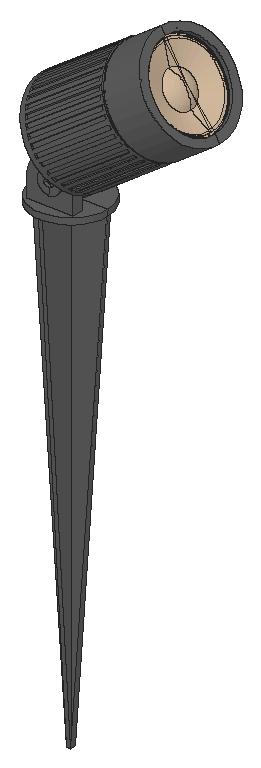
Revit family "STH7703_30", category Luminárias, Revit 2023
Family settings
  Cota do conector redondo = Utilizar diâmetro
  Tipo de parte = Normal
  Com base no plano de trabalho = Não
  Sempre na vertical = Sim
  Corte com vazios quando carregada = Não
  Fonte luminosa = Sim
  Manter orientação da anotação = Não
  Compartilhado = Não
  Ponto de cálculo do ambiente = Não
Parameters (values of type "STH7703/30 - BIVOLT")
  Ângulo de inclinação = 180.00°
  Ângulo de Abertura = "25°"
  Wattage = 3.02945 W
  Vidro = Vidro
  URL = "https://stella.com.br/"
  Troca de temperatura da cor de lâmpada com esmaecimento = <Nenhum>
  Tensão Elétrica = "100V-240V"
  built-in parameter 1150107 = 3000 (stored number, unit not read)
  Temperatura da cor (K) = 3000 K
  Silicone = Silicone
  Referência = "STH7703/30"
  Potência = 7 W
  built-in parameter 1150110 = 1 (stored number, unit not read)
  built-in parameter 1150109 = 1 (stored number, unit not read)
  built-in parameter 1114218 = 1 (stored number, unit not read)
  built-in parameter 1150112 = 1 (stored number, unit not read)
  built-in parameter 1150113 = 1 (stored number, unit not read)
  built-in parameter 1150132 = 2
  built-in parameter 1150137 = (empty or 0)
  Modelo = "Focco"
  Luminoso = Luminoso - 3000K
  built-in parameter 1150106 = 0.3581 (stored number, unit not read)
  built-in parameter 1150102 = (empty or 0)
  built-in parameter 1150105 = 35.81 (stored number, unit not read)
  IRC (Índice de reprodução de cores) = ">80"
  Grau de proteção (IP) = "IP67"
  Fluxo Luminoso = 450 lm
  Color Filter = 16777215
  built-in parameter 1114217 = 1 (stored number, unit not read)
  built-in parameter 1150139 = (empty or 0)
  Fabricante = "Stella"
  Estrutura = Al - Preto
  Default Elevation = 0.00 m
  built-in parameter 1150104 = 13.8 (stored number, unit not read)
  Diâmetro do Spot = 0.05 m
  Dimerização = "Não dimerizável"
  built-in parameter 1150115 = 1 (stored number, unit not read)
  built-in parameter 1150114 = 1 (stored number, unit not read)
  Lumens = 450 lm
  built-in parameter 1150138 = (empty or 0)
  built-in parameter 1150134 = (empty or 0)
  Comprimento do Espeto = 0.07 m
  Arquivo de rede fotométrica = "STELLA - STH7703-30 - FOCCO 7W.ies"
  Altura do Finco = 0.238 m
  built-in parameter 1150133 = 10 (stored number, unit not read)
Reference planes (m)
  plane 1 "Centro (Frente/Trás)": y = 0
  plane 2: z = 0.002924
  plane 3 "Centro (Esquerda/Direita)": x = 0
  plane 4: x = 0.035
  plane 5: x = -0.035
  plane 6: y = 0.025
  plane 7: y = -0.025
  plane 8: z = -0.232076
  plane 9: z = 0.082424
  plane 10: z = 0.005924
  plane 11 "Conector": z = 0.040924
Forms (m)
  Revolve 1, solid, material "Al - Preto" <- "Estrutura"
    sketch origin (0, 0.004, 0) x (1, 0, 0) y (0, 0, 1)
      loop
        line (0.001, 0.005924) -> (-0.017, 0.005924) -> (-0.017, 0.002924) -> (0.001, 0.002924) -> (0.001, 0.005924)
      axis (-0.017, 0.005924) -> (-0.017, 0.002924)
    angle from 0 to 360
  Extrusion 2, solid, material "Al - Preto" <- "Estrutura"
    sketch origin (0, 0, 0) x (1, 0, 0) y (0, 0, 1)
      loop
        line (-0.035, 0.002924) -> (-0.018, -0.232076) -> (-0.016, -0.232076) -> (0.001, 0.002924) -> (-0.035, 0.002924)
    from -0.004985 to -0.003
  Extrusion 3, solid, material "Al - Preto" <- "Estrutura"
    sketch origin (-0.021, -0.013, 0) x (0, -1, 0) y (0, 0, 1)
      loop
        line (-0.035, 0.002924) -> (-0.018, -0.232076) -> (-0.016, -0.232076) -> (0.001, 0.002924) -> (-0.035, 0.002924)
    from -0.004985 to -0.003
  Extrusion 4, void
    sketch origin (0, 0, 0.002924) x (1, 0, 0) y (0, 1, 0)
      loop
        circle (-0.024, 0.011) r 0.00365
    from 0 to 0.003
  Extrusion 5, solid, material "Al - Preto" <- "Estrutura"
    sketch origin (0, 0, 0) x (1, 0, 0) y (0, 0, 1)
      loop
        arc (-0.016683, 0.02792) -> (-0.024665, 0.024814) -> (-0.028, 0.016924) r 0.011
        line (-0.028, 0.016924) -> (-0.028, 0.005924) -> (-0.006, 0.005924) -> (-0.006, 0.016924)
        arc (-0.006, 0.016924) -> (-0.009111, 0.024589) -> (-0.016683, 0.02792) r 0.011
    from 0.003 to 0.0085
  Revolve 6, void
    sketch origin (-0.017, 0, 0) x (0, 1, 0) y (0, 0, 1)
      loop
        line (-0.007, 0.016925) -> (-0.003, 0.016925) -> (-0.003, 0.020024) -> (-0.005, 0.020024) -> (-0.007, 0.022025) -> (-0.007, 0.016925)
      axis (-0.007, 0.016925) -> (-0.003, 0.016925)
    angle from 0 to 360
  Revolve 7, void
    sketch origin (-0.017, 0, 0) x (0, 1, 0) y (0, 0, 1)
      loop
        line (-0.0085, 0.022424) -> (-0.0085, 0.016925) -> (-0.007, 0.016925) -> (-0.007, 0.022424) -> (-0.0085, 0.022424)
      axis (-0.007, 0.016925) -> (-0.0085, 0.016925)
    angle from 0 to 360
  Revolve 8, solid, material "Al - Preto" <- "Estrutura"
    sketch origin (0.006634, 0, 0.012812) x (0.819152, 0, 0.573576) y (-0.573576, 0, 0.819152)
      loop
        line (0.045102, 0.055682) -> (-0.003098, 0.055682) -> (-0.003098, 0.030682) -> (-0.000098, 0.030682) -> (-0.000098, 0.053177) -> (0.064902, 0.053177) -> (0.064902, 0.051577) -> (0.066902, 0.051577) -> (0.066902, 0.055682) -> (0.046102, 0.055682) -> (0.046102, 0.054882) -> (0.045102, 0.054882) -> (0.045102, 0.055682)
      axis (0.066902, 0.030682) -> (-0.003098, 0.030682)
    angle from 0 to 360
  Revolve 9, solid, material "Vidro" <- "Vidro"
    sketch origin (0.006634, 0, 0.012812) x (0.819152, 0, 0.573576) y (-0.573576, 0, 0.819152)
      loop
        line (0.064902, 0.052922) -> (0.049902, 0.052922) -> (0.049902, 0.051671) -> (0.063902, 0.051671) -> (0.063902, 0.050521) -> (0.065402, 0.050521) -> (0.065402, 0.030682) -> (0.066902, 0.030682) -> (0.066902, 0.051576) -> (0.064902, 0.051576) -> (0.064902, 0.052922)
      axis (0.049902, 0.030676) -> (0.066902, 0.030676)
    angle from 0 to 360
  Revolve 10, solid, material "Luminoso - 3000K" <- "Luminoso"
    sketch origin (0.006634, 0, 0.012812) x (0.819152, 0, 0.573576) y (-0.573576, 0, 0.819152)
      loop
        line (0.060602, 0.039666) -> (0.064605, 0.049574) -> (0.064605, 0.05051) -> (0.063805, 0.05051) -> (0.063805, 0.051669) -> (0.062905, 0.051669) -> (0.062905, 0.049674) -> (0.050605, 0.040674) -> (0.050605, 0.030676) -> (0.064051, 0.030676)
        arc (0.064051, 0.030676) -> (0.063159, 0.03549) -> (0.060602, 0.039666) r 0.013449
      axis (0.050605, 0.030676) -> (0.064605, 0.030676)
    angle from 0 to 360
  Extrusion 11, void
    sketch origin (0.000909, 0, 0.008803) x (0, 1, 0) y (-0.573576, 0, 0.819152)
      loop
        arc (0.018646, 0.048761) -> (0.017858, 0.049537) -> (0.017039, 0.050279) r 0.026449
        line (0.017039, 0.050279) -> (0.015943, 0.04902)
        arc (0.015943, 0.04902) -> (0.016718, 0.048333) -> (0.017462, 0.047613) r 0.0235
        line (0.017462, 0.047613) -> (0.018646, 0.048761)
      loop
        arc (0.015588, 0.051458) -> (0.014688, 0.052101) -> (0.013763, 0.052706) r 0.026449
        line (0.013763, 0.052706) -> (0.012877, 0.051291)
        arc (0.012877, 0.051291) -> (0.01375, 0.050734) -> (0.014598, 0.050139) r 0.0235
        line (0.014598, 0.050139) -> (0.015588, 0.051458)
      loop
        arc (0.012145, 0.053643) -> (0.011156, 0.054137) -> (0.010147, 0.05459) r 0.026449
        line (0.010147, 0.05459) -> (0.009494, 0.053054)
        arc (0.009494, 0.053054) -> (0.010443, 0.05264) -> (0.011374, 0.052185) r 0.0235
        line (0.011374, 0.052185) -> (0.012145, 0.053643)
      loop
        arc (0.008401, 0.055254) -> (0.007347, 0.055588) -> (0.006279, 0.055878) r 0.026449
        line (0.006279, 0.055878) -> (0.005875, 0.054258)
        arc (0.005875, 0.054258) -> (0.006877, 0.053998) -> (0.007867, 0.053694) r 0.0235
        line (0.007867, 0.053694) -> (0.008401, 0.055254)
      loop
        arc (0.004452, 0.056269) -> (0.003358, 0.056434) -> (0.002259, 0.056553) r 0.026449
        line (0.002259, 0.056553) -> (0.002112, 0.054889)
        arc (0.002112, 0.054889) -> (0.003143, 0.054789) -> (0.004168, 0.054644) r 0.0235
        line (0.004168, 0.054644) -> (0.004452, 0.056269)
      loop
        arc (0.000392, 0.056653) -> (-0.000713, 0.056644) -> (-0.001818, 0.05659) r 0.026449
        line (-0.001818, 0.05659) -> (-0.001702, 0.054924)
        arc (-0.001702, 0.054924) -> (-0.000669, 0.054987) -> (0.000366, 0.055004) r 0.0235
        line (0.000366, 0.055004) -> (0.000392, 0.056653)
      loop
        arc (-0.003671, 0.056389) -> (-0.004762, 0.056208) -> (-0.005845, 0.055982) r 0.026449
        line (-0.005845, 0.055982) -> (-0.00547, 0.054355)
        arc (-0.00547, 0.054355) -> (-0.004459, 0.054578) -> (-0.003439, 0.054757) r 0.0235
        line (-0.003439, 0.054757) -> (-0.003671, 0.056389)
      loop
        arc (-0.007651, 0.055501) -> (-0.0087, 0.055151) -> (-0.009734, 0.054759) r 0.026449
        line (-0.009734, 0.054759) -> (-0.009109, 0.05321)
        arc (-0.009109, 0.05321) -> (-0.008146, 0.053589) -> (-0.007166, 0.053925) r 0.0235
        line (-0.007166, 0.053925) -> (-0.007651, 0.055501)
      loop
        arc (-0.011442, 0.054001) -> (-0.012424, 0.053492) -> (-0.013384, 0.052942) r 0.026449
        line (-0.013384, 0.052942) -> (-0.012525, 0.05151)
        arc (-0.012525, 0.05151) -> (-0.011632, 0.052035) -> (-0.010717, 0.05252) r 0.0235
        line (-0.010717, 0.05252) -> (-0.011442, 0.054001)
      loop
        arc (-0.014947, 0.051919) -> (-0.015837, 0.051263) -> (-0.016699, 0.05057) r 0.026449
        line (-0.016699, 0.05057) -> (-0.015627, 0.04929)
        arc (-0.015627, 0.04929) -> (-0.014827, 0.049948) -> (-0.014, 0.05057) r 0.0235
        line (-0.014, 0.05057) -> (-0.014947, 0.051919)
      loop
        arc (-0.01809, 0.049321) -> (-0.018866, 0.048533) -> (-0.019609, 0.047714) r 0.026449
        line (-0.019609, 0.047714) -> (-0.018349, 0.046618)
        arc (-0.018349, 0.046618) -> (-0.017663, 0.047393) -> (-0.016942, 0.048136) r 0.0235
        line (-0.016942, 0.048136) -> (-0.01809, 0.049321)
      loop
        arc (-0.020787, 0.046263) -> (-0.02143, 0.045364) -> (-0.022036, 0.044438) r 0.026449
        line (-0.022036, 0.044438) -> (-0.02062, 0.043553)
        arc (-0.02062, 0.043553) -> (-0.020063, 0.044425) -> (-0.019468, 0.045273) r 0.0235
        line (-0.019468, 0.045273) -> (-0.020787, 0.046263)
      loop
        arc (-0.022979, 0.04284) -> (-0.023474, 0.041851) -> (-0.023927, 0.040842) r 0.026449
        line (-0.023927, 0.040842) -> (-0.02239, 0.040189)
        arc (-0.02239, 0.040189) -> (-0.021976, 0.041138) -> (-0.021521, 0.042068) r 0.0235
        line (-0.021521, 0.042068) -> (-0.022979, 0.04284)
      loop
        arc (-0.024599, 0.039098) -> (-0.024932, 0.038044) -> (-0.025222, 0.036977) r 0.026449
        line (-0.025222, 0.036977) -> (-0.023602, 0.036572)
        arc (-0.023602, 0.036572) -> (-0.023342, 0.037574) -> (-0.023038, 0.038564) r 0.0235
        line (-0.023038, 0.038564) -> (-0.024599, 0.039098)
      loop
        arc (-0.025613, 0.035149) -> (-0.025778, 0.034055) -> (-0.025897, 0.032956) r 0.026449
        line (-0.025897, 0.032956) -> (-0.024234, 0.03281)
        arc (-0.024234, 0.03281) -> (-0.024134, 0.03384) -> (-0.023988, 0.034865) r 0.0235
        line (-0.023988, 0.034865) -> (-0.025613, 0.035149)
      loop
        arc (-0.025989, 0.03109) -> (-0.02598, 0.029984) -> (-0.025926, 0.028879) r 0.026449
        line (-0.025926, 0.028879) -> (-0.02426, 0.028995)
        arc (-0.02426, 0.028995) -> (-0.024323, 0.030028) -> (-0.02434, 0.031064) r 0.0235
        line (-0.02434, 0.031064) -> (-0.025989, 0.03109)
      loop
        arc (-0.025733, 0.02702) -> (-0.025552, 0.025929) -> (-0.025325, 0.024847) r 0.026449
        line (-0.025325, 0.024847) -> (-0.023698, 0.025222)
        arc (-0.023698, 0.025222) -> (-0.023922, 0.026233) -> (-0.0241, 0.027253) r 0.0235
        line (-0.0241, 0.027253) -> (-0.025733, 0.02702)
      loop
        arc (-0.024844, 0.023041) -> (-0.024494, 0.021992) -> (-0.024101, 0.020958) r 0.026449
        line (-0.024101, 0.020958) -> (-0.022553, 0.021583)
        arc (-0.022553, 0.021583) -> (-0.022932, 0.022546) -> (-0.023268, 0.023526) r 0.0235
        line (-0.023268, 0.023526) -> (-0.024844, 0.023041)
      loop
        arc (-0.023338, 0.019257) -> (-0.022828, 0.018276) -> (-0.022279, 0.017316) r 0.026449
        line (-0.022279, 0.017316) -> (-0.020847, 0.018175)
        arc (-0.020847, 0.018175) -> (-0.021372, 0.019068) -> (-0.021856, 0.019983) r 0.0235
        line (-0.021856, 0.019983) -> (-0.023338, 0.019257)
      loop
        arc (-0.021263, 0.015747) -> (-0.020606, 0.014857) -> (-0.019913, 0.013996) r 0.026449
        line (-0.019913, 0.013996) -> (-0.018633, 0.015068)
        arc (-0.018633, 0.015068) -> (-0.019291, 0.015868) -> (-0.019913, 0.016695) r 0.0235
        line (-0.019913, 0.016695) -> (-0.021263, 0.015747)
      loop
        arc (-0.018665, 0.012605) -> (-0.017877, 0.011829) -> (-0.017057, 0.011086) r 0.026449
        line (-0.017057, 0.011086) -> (-0.015961, 0.012345)
        arc (-0.015961, 0.012345) -> (-0.016736, 0.013032) -> (-0.01748, 0.013752) r 0.0235
        line (-0.01748, 0.013752) -> (-0.018665, 0.012605)
      loop
        arc (-0.015602, 0.009915) -> (-0.014702, 0.009271) -> (-0.013777, 0.008666) r 0.026449
        line (-0.013777, 0.008666) -> (-0.012891, 0.010081)
        arc (-0.012891, 0.010081) -> (-0.013764, 0.010638) -> (-0.014611, 0.011233) r 0.0235
        line (-0.014611, 0.011233) -> (-0.015602, 0.009915)
      loop
        arc (-0.01216, 0.007729) -> (-0.011171, 0.007234) -> (-0.010162, 0.006781) r 0.026449
        line (-0.010162, 0.006781) -> (-0.009508, 0.008317)
        arc (-0.009508, 0.008317) -> (-0.010458, 0.008731) -> (-0.011388, 0.009186) r 0.0235
        line (-0.011388, 0.009186) -> (-0.01216, 0.007729)
      loop
        arc (-0.008418, 0.006109) -> (-0.007364, 0.005775) -> (-0.006296, 0.005485) r 0.026449
        line (-0.006296, 0.005485) -> (-0.005891, 0.007105)
        arc (-0.005891, 0.007105) -> (-0.006894, 0.007365) -> (-0.007883, 0.007669) r 0.0235
        line (-0.007883, 0.007669) -> (-0.008418, 0.006109)
      loop
        arc (0.003644, 0.004953) -> (0.004735, 0.005135) -> (0.005817, 0.005361) r 0.026449
        line (0.005817, 0.005361) -> (0.005442, 0.006988)
        arc (0.005442, 0.006988) -> (0.004431, 0.006765) -> (0.003411, 0.006586) r 0.0235
        line (0.003411, 0.006586) -> (0.003644, 0.004953)
      loop
        arc (0.007623, 0.005843) -> (0.008672, 0.006192) -> (0.009706, 0.006585) r 0.026449
        line (0.009706, 0.006585) -> (0.009081, 0.008134)
        arc (0.009081, 0.008134) -> (0.008118, 0.007755) -> (0.007138, 0.007419) r 0.0235
        line (0.007138, 0.007419) -> (0.007623, 0.005843)
      loop
        arc (0.011414, 0.007343) -> (0.012396, 0.007853) -> (0.013355, 0.008403) r 0.026449
        line (0.013355, 0.008403) -> (0.012496, 0.009834)
        arc (0.012496, 0.009834) -> (0.011604, 0.009309) -> (0.010689, 0.008824) r 0.0235
        line (0.010689, 0.008824) -> (0.011414, 0.007343)
      loop
        arc (0.014919, 0.009425) -> (0.015809, 0.010082) -> (0.01667, 0.010775) r 0.026449
        line (0.01667, 0.010775) -> (0.015598, 0.012055)
        arc (0.015598, 0.012055) -> (0.014798, 0.011397) -> (0.013971, 0.010775) r 0.0235
        line (0.013971, 0.010775) -> (0.014919, 0.009425)
      loop
        arc (0.018061, 0.012024) -> (0.018837, 0.012812) -> (0.01958, 0.013631) r 0.026449
        line (0.01958, 0.013631) -> (0.01832, 0.014727)
        arc (0.01832, 0.014727) -> (0.017633, 0.013952) -> (0.016913, 0.013208) r 0.0235
        line (0.016913, 0.013208) -> (0.018061, 0.012024)
      loop
        arc (0.020758, 0.015082) -> (0.021401, 0.015982) -> (0.022006, 0.016908) r 0.026449
        line (0.022006, 0.016908) -> (0.020591, 0.017793)
        arc (0.020591, 0.017793) -> (0.020034, 0.01692) -> (0.019439, 0.016073) r 0.0235
        line (0.019439, 0.016073) -> (0.020758, 0.015082)
      loop
        arc (0.022933, 0.018525) -> (0.023428, 0.019514) -> (0.023881, 0.020523) r 0.026449
        line (0.023881, 0.020523) -> (0.022345, 0.021176)
        arc (0.022345, 0.021176) -> (0.021931, 0.020227) -> (0.021476, 0.019297) r 0.0235
        line (0.021476, 0.019297) -> (0.022933, 0.018525)
      loop
        arc (0.024554, 0.022267) -> (0.024888, 0.023321) -> (0.025177, 0.024388) r 0.026449
        line (0.025177, 0.024388) -> (0.023558, 0.024793)
        arc (0.023558, 0.024793) -> (0.023297, 0.023791) -> (0.022993, 0.022801) r 0.0235
        line (0.022993, 0.022801) -> (0.024554, 0.022267)
      loop
        arc (0.025569, 0.026216) -> (0.025734, 0.027309) -> (0.025853, 0.028409) r 0.026449
        line (0.025853, 0.028409) -> (0.02419, 0.028555)
        arc (0.02419, 0.028555) -> (0.024089, 0.027525) -> (0.023944, 0.0265) r 0.0235
        line (0.023944, 0.0265) -> (0.025569, 0.026216)
      loop
        arc (0.025945, 0.030275) -> (0.025937, 0.031381) -> (0.025883, 0.032485) r 0.026449
        line (0.025883, 0.032485) -> (0.024217, 0.03237)
        arc (0.024217, 0.03237) -> (0.024279, 0.031336) -> (0.024296, 0.030301) r 0.0235
        line (0.024296, 0.030301) -> (0.025945, 0.030275)
      loop
        arc (0.02571, 0.034338) -> (0.025529, 0.035429) -> (0.025303, 0.036512) r 0.026449
        line (0.025303, 0.036512) -> (0.023676, 0.036137)
        arc (0.023676, 0.036137) -> (0.023899, 0.035126) -> (0.024078, 0.034106) r 0.0235
        line (0.024078, 0.034106) -> (0.02571, 0.034338)
      loop
        arc (0.024821, 0.038318) -> (0.024472, 0.039367) -> (0.024078, 0.040401) r 0.026449
        line (0.024078, 0.040401) -> (0.02253, 0.039776)
        arc (0.02253, 0.039776) -> (0.022909, 0.038812) -> (0.023245, 0.037833) r 0.0235
        line (0.023245, 0.037833) -> (0.024821, 0.038318)
      loop
        arc (0.02332, 0.042109) -> (0.022811, 0.043091) -> (0.022261, 0.04405) r 0.026449
        line (0.022261, 0.04405) -> (0.020829, 0.043191)
        arc (0.020829, 0.043191) -> (0.021354, 0.042298) -> (0.021839, 0.041384) r 0.0235
        line (0.021839, 0.041384) -> (0.02332, 0.042109)
      loop
        arc (0.021239, 0.045614) -> (0.020582, 0.046504) -> (0.019888, 0.047365) r 0.026449
        line (0.019888, 0.047365) -> (0.018609, 0.046293)
        arc (0.018609, 0.046293) -> (0.019267, 0.045493) -> (0.019889, 0.044666) r 0.0235
        line (0.019889, 0.044666) -> (0.021239, 0.045614)
      loop
        arc (-0.004485, 0.005082) -> (-0.003392, 0.004917) -> (-0.002292, 0.004798) r 0.026449
        line (-0.002292, 0.004798) -> (-0.002146, 0.006461)
        arc (-0.002146, 0.006461) -> (-0.003176, 0.006561) -> (-0.004201, 0.006706) r 0.0235
        line (-0.004201, 0.006706) -> (-0.004485, 0.005082)
      loop
        arc (-0.000426, 0.004698) -> (0.00068, 0.004706) -> (0.001785, 0.004761) r 0.026449
        line (0.001785, 0.004761) -> (0.001669, 0.006426)
        arc (0.001669, 0.006426) -> (0.000635, 0.006364) -> (-0.0004, 0.006347) r 0.0235
        line (-0.0004, 0.006347) -> (-0.000426, 0.004698)
    from 0.006891 to 0.050747
  Revolve 12, solid, material "Silicone" <- "Silicone"
    sketch origin (0.006634, 0, 0.012812) x (0.819152, 0, 0.573576) y (-0.573576, 0, 0.819152)
      loop
        line (0.045102, 0.054567) -> (0.046102, 0.054567) -> (0.046102, 0.055347) -> (0.045102, 0.055347) -> (0.045102, 0.054567)
      axis (0.046102, 0.030682) -> (0.045102, 0.030682)
    angle from 0 to 360
  Extrusion 13, solid, material "Al - Preto" <- "Estrutura"
    sketch origin (0.006634, 0, 0.012812) x (0.819152, 0, 0.573576) y (-0.573576, 0, 0.819152)
      loop
        arc (-0.015, 0.027925) -> (-0.026, 0.016925) -> (-0.015, 0.005925) r 0.011
        line (-0.015, 0.005925) -> (-0.003098, 0.005924) -> (-0.003098, 0.027925) -> (-0.015, 0.027925)
      loop
        circle (-0.017, 0.016925) r 0.003099
    from -0.003 to 0.003
  Revolve 14, solid, material "Al - Preto" <- "Estrutura"
    sketch origin (-0.017, 0, -0.00015) x (0, 1, 0) y (0, 0, 1)
      loop
        line (0.0035, 0.01702) -> (0.0035, 0.020164) -> (-0.006884, 0.020164) -> (-0.008161, 0.02267) -> (-0.009, 0.02267) -> (-0.009, 0.01702) -> (0.0035, 0.01702)
      axis (0.0035, 0.01702) -> (-0.009, 0.01702)
    angle from 0 to 360
  Extrusion 15, void
    sketch origin (0, 0, 0) x (1, 0, 0) y (0, 0, 1)
      loop
        line (-0.014653, 0.018043) -> (-0.016794, 0.019517) -> (-0.019142, 0.018399) -> (-0.019347, 0.015807) -> (-0.017206, 0.014333) -> (-0.014858, 0.015451) -> (-0.014653, 0.018043)
    from 0.0075 to 0.009
  Revolve 16, solid, material "Al - Preto" <- "Estrutura", not visible
    sketch origin (0, 0, 0) x (1, 0, 0) y (0, 0, 1)
      loop
        line (0.045102, 0.055682) -> (-0.003098, 0.055682) -> (-0.003098, 0.030682) -> (-0.000098, 0.030682) -> (-0.000098, 0.053177) -> (0.064902, 0.053177) -> (0.064902, 0.051577) -> (0.066902, 0.051577) -> (0.066902, 0.055682) -> (0.046102, 0.055682) -> (0.046102, 0.054882) -> (0.045102, 0.054882) -> (0.045102, 0.055682)
      axis (0.066902, 0.030682) -> (-0.003098, 0.030682)
    angle from 0 to 360
  Revolve 17, solid, material "Vidro" <- "Vidro", not visible
    sketch origin (0, 0, 0) x (1, 0, 0) y (0, 0, 1)
      loop
        line (0.064902, 0.052922) -> (0.049902, 0.052922) -> (0.049902, 0.051671) -> (0.063902, 0.051671) -> (0.063902, 0.050521) -> (0.065402, 0.050521) -> (0.065402, 0.030682) -> (0.066902, 0.030682) -> (0.066902, 0.051576) -> (0.064902, 0.051576) -> (0.064902, 0.052922)
      axis (0.049902, 0.030676) -> (0.066902, 0.030676)
    angle from 0 to 360
  Revolve 18, solid, material "Luminoso - 3000K" <- "Luminoso", not visible
    sketch origin (0, 0, 0) x (1, 0, 0) y (0, 0, 1)
      loop
        line (0.060602, 0.039666) -> (0.064605, 0.049574) -> (0.064605, 0.05051) -> (0.063805, 0.05051) -> (0.063805, 0.051669) -> (0.062905, 0.051669) -> (0.062905, 0.049674) -> (0.050605, 0.040674) -> (0.050605, 0.030676) -> (0.064051, 0.030676)
        arc (0.064051, 0.030676) -> (0.063159, 0.03549) -> (0.060602, 0.039666) r 0.013449
      axis (0.050605, 0.030676) -> (0.064605, 0.030676)
    angle from 0 to 360
  Extrusion 19, void, not visible
    sketch origin (-0.006989, 0, 0) x (0, 1, 0) y (0, 0, 1)
      loop
        arc (0.018646, 0.048761) -> (0.017858, 0.049537) -> (0.017039, 0.050279) r 0.026449
        line (0.017039, 0.050279) -> (0.015943, 0.04902)
        arc (0.015943, 0.04902) -> (0.016718, 0.048333) -> (0.017462, 0.047613) r 0.0235
        line (0.017462, 0.047613) -> (0.018646, 0.048761)
      loop
        arc (0.015588, 0.051458) -> (0.014688, 0.052101) -> (0.013763, 0.052706) r 0.026449
        line (0.013763, 0.052706) -> (0.012877, 0.051291)
        arc (0.012877, 0.051291) -> (0.01375, 0.050734) -> (0.014598, 0.050139) r 0.0235
        line (0.014598, 0.050139) -> (0.015588, 0.051458)
      loop
        arc (0.012145, 0.053643) -> (0.011156, 0.054137) -> (0.010147, 0.05459) r 0.026449
        line (0.010147, 0.05459) -> (0.009494, 0.053054)
        arc (0.009494, 0.053054) -> (0.010443, 0.05264) -> (0.011374, 0.052185) r 0.0235
        line (0.011374, 0.052185) -> (0.012145, 0.053643)
      loop
        arc (0.008401, 0.055254) -> (0.007347, 0.055588) -> (0.006279, 0.055878) r 0.026449
        line (0.006279, 0.055878) -> (0.005875, 0.054258)
        arc (0.005875, 0.054258) -> (0.006877, 0.053998) -> (0.007867, 0.053694) r 0.0235
        line (0.007867, 0.053694) -> (0.008401, 0.055254)
      loop
        arc (0.004452, 0.056269) -> (0.003358, 0.056434) -> (0.002259, 0.056553) r 0.026449
        line (0.002259, 0.056553) -> (0.002112, 0.054889)
        arc (0.002112, 0.054889) -> (0.003143, 0.054789) -> (0.004168, 0.054644) r 0.0235
        line (0.004168, 0.054644) -> (0.004452, 0.056269)
      loop
        arc (0.000392, 0.056653) -> (-0.000713, 0.056644) -> (-0.001818, 0.05659) r 0.026449
        line (-0.001818, 0.05659) -> (-0.001702, 0.054924)
        arc (-0.001702, 0.054924) -> (-0.000669, 0.054987) -> (0.000366, 0.055004) r 0.0235
        line (0.000366, 0.055004) -> (0.000392, 0.056653)
      loop
        arc (-0.003671, 0.056389) -> (-0.004762, 0.056208) -> (-0.005845, 0.055982) r 0.026449
        line (-0.005845, 0.055982) -> (-0.00547, 0.054355)
        arc (-0.00547, 0.054355) -> (-0.004459, 0.054578) -> (-0.003439, 0.054757) r 0.0235
        line (-0.003439, 0.054757) -> (-0.003671, 0.056389)
      loop
        arc (-0.007651, 0.055501) -> (-0.0087, 0.055151) -> (-0.009734, 0.054759) r 0.026449
        line (-0.009734, 0.054759) -> (-0.009109, 0.05321)
        arc (-0.009109, 0.05321) -> (-0.008146, 0.053589) -> (-0.007166, 0.053925) r 0.0235
        line (-0.007166, 0.053925) -> (-0.007651, 0.055501)
      loop
        arc (-0.011442, 0.054001) -> (-0.012424, 0.053492) -> (-0.013384, 0.052942) r 0.026449
        line (-0.013384, 0.052942) -> (-0.012525, 0.05151)
        arc (-0.012525, 0.05151) -> (-0.011632, 0.052035) -> (-0.010717, 0.05252) r 0.0235
        line (-0.010717, 0.05252) -> (-0.011442, 0.054001)
      loop
        arc (-0.014947, 0.051919) -> (-0.015837, 0.051263) -> (-0.016699, 0.05057) r 0.026449
        line (-0.016699, 0.05057) -> (-0.015627, 0.04929)
        arc (-0.015627, 0.04929) -> (-0.014827, 0.049948) -> (-0.014, 0.05057) r 0.0235
        line (-0.014, 0.05057) -> (-0.014947, 0.051919)
      loop
        arc (-0.01809, 0.049321) -> (-0.018866, 0.048533) -> (-0.019609, 0.047714) r 0.026449
        line (-0.019609, 0.047714) -> (-0.018349, 0.046618)
        arc (-0.018349, 0.046618) -> (-0.017663, 0.047393) -> (-0.016942, 0.048136) r 0.0235
        line (-0.016942, 0.048136) -> (-0.01809, 0.049321)
      loop
        arc (-0.020787, 0.046263) -> (-0.02143, 0.045364) -> (-0.022036, 0.044438) r 0.026449
        line (-0.022036, 0.044438) -> (-0.02062, 0.043553)
        arc (-0.02062, 0.043553) -> (-0.020063, 0.044425) -> (-0.019468, 0.045273) r 0.0235
        line (-0.019468, 0.045273) -> (-0.020787, 0.046263)
      loop
        arc (-0.022979, 0.04284) -> (-0.023474, 0.041851) -> (-0.023927, 0.040842) r 0.026449
        line (-0.023927, 0.040842) -> (-0.02239, 0.040189)
        arc (-0.02239, 0.040189) -> (-0.021976, 0.041138) -> (-0.021521, 0.042068) r 0.0235
        line (-0.021521, 0.042068) -> (-0.022979, 0.04284)
      loop
        arc (-0.024599, 0.039098) -> (-0.024932, 0.038044) -> (-0.025222, 0.036977) r 0.026449
        line (-0.025222, 0.036977) -> (-0.023602, 0.036572)
        arc (-0.023602, 0.036572) -> (-0.023342, 0.037574) -> (-0.023038, 0.038564) r 0.0235
        line (-0.023038, 0.038564) -> (-0.024599, 0.039098)
      loop
        arc (-0.025613, 0.035149) -> (-0.025778, 0.034055) -> (-0.025897, 0.032956) r 0.026449
        line (-0.025897, 0.032956) -> (-0.024234, 0.03281)
        arc (-0.024234, 0.03281) -> (-0.024134, 0.03384) -> (-0.023988, 0.034865) r 0.0235
        line (-0.023988, 0.034865) -> (-0.025613, 0.035149)
      loop
        arc (-0.025989, 0.03109) -> (-0.02598, 0.029984) -> (-0.025926, 0.028879) r 0.026449
        line (-0.025926, 0.028879) -> (-0.02426, 0.028995)
        arc (-0.02426, 0.028995) -> (-0.024323, 0.030028) -> (-0.02434, 0.031064) r 0.0235
        line (-0.02434, 0.031064) -> (-0.025989, 0.03109)
      loop
        arc (-0.025733, 0.02702) -> (-0.025552, 0.025929) -> (-0.025325, 0.024847) r 0.026449
        line (-0.025325, 0.024847) -> (-0.023698, 0.025222)
        arc (-0.023698, 0.025222) -> (-0.023922, 0.026233) -> (-0.0241, 0.027253) r 0.0235
        line (-0.0241, 0.027253) -> (-0.025733, 0.02702)
      loop
        arc (-0.024844, 0.023041) -> (-0.024494, 0.021992) -> (-0.024101, 0.020958) r 0.026449
        line (-0.024101, 0.020958) -> (-0.022553, 0.021583)
        arc (-0.022553, 0.021583) -> (-0.022932, 0.022546) -> (-0.023268, 0.023526) r 0.0235
        line (-0.023268, 0.023526) -> (-0.024844, 0.023041)
      loop
        arc (-0.023338, 0.019257) -> (-0.022828, 0.018276) -> (-0.022279, 0.017316) r 0.026449
        line (-0.022279, 0.017316) -> (-0.020847, 0.018175)
        arc (-0.020847, 0.018175) -> (-0.021372, 0.019068) -> (-0.021856, 0.019983) r 0.0235
        line (-0.021856, 0.019983) -> (-0.023338, 0.019257)
      loop
        arc (-0.021263, 0.015747) -> (-0.020606, 0.014857) -> (-0.019913, 0.013996) r 0.026449
        line (-0.019913, 0.013996) -> (-0.018633, 0.015068)
        arc (-0.018633, 0.015068) -> (-0.019291, 0.015868) -> (-0.019913, 0.016695) r 0.0235
        line (-0.019913, 0.016695) -> (-0.021263, 0.015747)
      loop
        arc (-0.018665, 0.012605) -> (-0.017877, 0.011829) -> (-0.017057, 0.011086) r 0.026449
        line (-0.017057, 0.011086) -> (-0.015961, 0.012345)
        arc (-0.015961, 0.012345) -> (-0.016736, 0.013032) -> (-0.01748, 0.013752) r 0.0235
        line (-0.01748, 0.013752) -> (-0.018665, 0.012605)
      loop
        arc (-0.015602, 0.009915) -> (-0.014702, 0.009271) -> (-0.013777, 0.008666) r 0.026449
        line (-0.013777, 0.008666) -> (-0.012891, 0.010081)
        arc (-0.012891, 0.010081) -> (-0.013764, 0.010638) -> (-0.014611, 0.011233) r 0.0235
        line (-0.014611, 0.011233) -> (-0.015602, 0.009915)
      loop
        arc (-0.01216, 0.007729) -> (-0.011171, 0.007234) -> (-0.010162, 0.006781) r 0.026449
        line (-0.010162, 0.006781) -> (-0.009508, 0.008317)
        arc (-0.009508, 0.008317) -> (-0.010458, 0.008731) -> (-0.011388, 0.009186) r 0.0235
        line (-0.011388, 0.009186) -> (-0.01216, 0.007729)
      loop
        arc (-0.008418, 0.006109) -> (-0.007364, 0.005775) -> (-0.006296, 0.005485) r 0.026449
        line (-0.006296, 0.005485) -> (-0.005891, 0.007105)
        arc (-0.005891, 0.007105) -> (-0.006894, 0.007365) -> (-0.007883, 0.007669) r 0.0235
        line (-0.007883, 0.007669) -> (-0.008418, 0.006109)
      loop
        arc (0.003644, 0.004953) -> (0.004735, 0.005135) -> (0.005817, 0.005361) r 0.026449
        line (0.005817, 0.005361) -> (0.005442, 0.006988)
        arc (0.005442, 0.006988) -> (0.004431, 0.006765) -> (0.003411, 0.006586) r 0.0235
        line (0.003411, 0.006586) -> (0.003644, 0.004953)
      loop
        arc (0.007623, 0.005843) -> (0.008672, 0.006192) -> (0.009706, 0.006585) r 0.026449
        line (0.009706, 0.006585) -> (0.009081, 0.008134)
        arc (0.009081, 0.008134) -> (0.008118, 0.007755) -> (0.007138, 0.007419) r 0.0235
        line (0.007138, 0.007419) -> (0.007623, 0.005843)
      loop
        arc (0.011414, 0.007343) -> (0.012396, 0.007853) -> (0.013355, 0.008403) r 0.026449
        line (0.013355, 0.008403) -> (0.012496, 0.009834)
        arc (0.012496, 0.009834) -> (0.011604, 0.009309) -> (0.010689, 0.008824) r 0.0235
        line (0.010689, 0.008824) -> (0.011414, 0.007343)
      loop
        arc (0.014919, 0.009425) -> (0.015809, 0.010082) -> (0.01667, 0.010775) r 0.026449
        line (0.01667, 0.010775) -> (0.015598, 0.012055)
        arc (0.015598, 0.012055) -> (0.014798, 0.011397) -> (0.013971, 0.010775) r 0.0235
        line (0.013971, 0.010775) -> (0.014919, 0.009425)
      loop
        arc (0.018061, 0.012024) -> (0.018837, 0.012812) -> (0.01958, 0.013631) r 0.026449
        line (0.01958, 0.013631) -> (0.01832, 0.014727)
        arc (0.01832, 0.014727) -> (0.017633, 0.013952) -> (0.016913, 0.013208) r 0.0235
        line (0.016913, 0.013208) -> (0.018061, 0.012024)
      loop
        arc (0.020758, 0.015082) -> (0.021401, 0.015982) -> (0.022006, 0.016908) r 0.026449
        line (0.022006, 0.016908) -> (0.020591, 0.017793)
        arc (0.020591, 0.017793) -> (0.020034, 0.01692) -> (0.019439, 0.016073) r 0.0235
        line (0.019439, 0.016073) -> (0.020758, 0.015082)
      loop
        arc (0.022933, 0.018525) -> (0.023428, 0.019514) -> (0.023881, 0.020523) r 0.026449
        line (0.023881, 0.020523) -> (0.022345, 0.021176)
        arc (0.022345, 0.021176) -> (0.021931, 0.020227) -> (0.021476, 0.019297) r 0.0235
        line (0.021476, 0.019297) -> (0.022933, 0.018525)
      loop
        arc (0.024554, 0.022267) -> (0.024888, 0.023321) -> (0.025177, 0.024388) r 0.026449
        line (0.025177, 0.024388) -> (0.023558, 0.024793)
        arc (0.023558, 0.024793) -> (0.023297, 0.023791) -> (0.022993, 0.022801) r 0.0235
        line (0.022993, 0.022801) -> (0.024554, 0.022267)
      loop
        arc (0.025569, 0.026216) -> (0.025734, 0.027309) -> (0.025853, 0.028409) r 0.026449
        line (0.025853, 0.028409) -> (0.02419, 0.028555)
        arc (0.02419, 0.028555) -> (0.024089, 0.027525) -> (0.023944, 0.0265) r 0.0235
        line (0.023944, 0.0265) -> (0.025569, 0.026216)
      loop
        arc (0.025945, 0.030275) -> (0.025937, 0.031381) -> (0.025883, 0.032485) r 0.026449
        line (0.025883, 0.032485) -> (0.024217, 0.03237)
        arc (0.024217, 0.03237) -> (0.024279, 0.031336) -> (0.024296, 0.030301) r 0.0235
        line (0.024296, 0.030301) -> (0.025945, 0.030275)
      loop
        arc (0.02571, 0.034338) -> (0.025529, 0.035429) -> (0.025303, 0.036512) r 0.026449
        line (0.025303, 0.036512) -> (0.023676, 0.036137)
        arc (0.023676, 0.036137) -> (0.023899, 0.035126) -> (0.024078, 0.034106) r 0.0235
        line (0.024078, 0.034106) -> (0.02571, 0.034338)
      loop
        arc (0.024821, 0.038318) -> (0.024472, 0.039367) -> (0.024078, 0.040401) r 0.026449
        line (0.024078, 0.040401) -> (0.02253, 0.039776)
        arc (0.02253, 0.039776) -> (0.022909, 0.038812) -> (0.023245, 0.037833) r 0.0235
        line (0.023245, 0.037833) -> (0.024821, 0.038318)
      loop
        arc (0.02332, 0.042109) -> (0.022811, 0.043091) -> (0.022261, 0.04405) r 0.026449
        line (0.022261, 0.04405) -> (0.020829, 0.043191)
        arc (0.020829, 0.043191) -> (0.021354, 0.042298) -> (0.021839, 0.041384) r 0.0235
        line (0.021839, 0.041384) -> (0.02332, 0.042109)
      loop
        arc (0.021239, 0.045614) -> (0.020582, 0.046504) -> (0.019888, 0.047365) r 0.026449
        line (0.019888, 0.047365) -> (0.018609, 0.046293)
        arc (0.018609, 0.046293) -> (0.019267, 0.045493) -> (0.019889, 0.044666) r 0.0235
        line (0.019889, 0.044666) -> (0.021239, 0.045614)
      loop
        arc (-0.004485, 0.005082) -> (-0.003392, 0.004917) -> (-0.002292, 0.004798) r 0.026449
        line (-0.002292, 0.004798) -> (-0.002146, 0.006461)
        arc (-0.002146, 0.006461) -> (-0.003176, 0.006561) -> (-0.004201, 0.006706) r 0.0235
        line (-0.004201, 0.006706) -> (-0.004485, 0.005082)
      loop
        arc (-0.000426, 0.004698) -> (0.00068, 0.004706) -> (0.001785, 0.004761) r 0.026449
        line (0.001785, 0.004761) -> (0.001669, 0.006426)
        arc (0.001669, 0.006426) -> (0.000635, 0.006364) -> (-0.0004, 0.006347) r 0.0235
        line (-0.0004, 0.006347) -> (-0.000426, 0.004698)
    from 0.006891 to 0.050747
  Revolve 20, solid, material "Silicone" <- "Silicone", not visible
    sketch origin (0, 0, 0) x (1, 0, 0) y (0, 0, 1)
      loop
        line (0.045102, 0.054567) -> (0.046102, 0.054567) -> (0.046102, 0.055347) -> (0.045102, 0.055347) -> (0.045102, 0.054567)
      axis (0.046102, 0.030682) -> (0.045102, 0.030682)
    angle from 0 to 360
  Extrusion 21, solid, material "Al - Preto" <- "Estrutura", not visible
    sketch origin (0, 0, 0) x (1, 0, 0) y (0, 0, 1)
      loop
        arc (-0.015, 0.027925) -> (-0.026, 0.016925) -> (-0.015, 0.005925) r 0.011
        line (-0.015, 0.005925) -> (-0.003098, 0.005924) -> (-0.003098, 0.027925) -> (-0.015, 0.027925)
      loop
        circle (-0.017, 0.016925) r 0.003099
    from -0.003 to 0.003
Cuts and joins
  Extrusion 4 cuts Revolve 1
  Revolve 6, Revolve 7 cuts Extrusion 5
  Extrusion 11 cuts Revolve 8
  Extrusion 15 cuts Revolve 14
  joined: Extrusion 2, Extrusion 3
Lines and regions (m)
  symbolic lines
    curve 1: line (-0.017, 0, 0.020024) -> (-0.017, 0, 0.013826)
Dimensions and locks (m)
  Revolve 8 sketch curve to Revolve 8 sketch curve = 0.025 m
  Revolve 16 sketch curve to Revolve 16 sketch curve = 0.025 m
  "Diâmetro do Spot": plane 6 to plane 7
  "Comprimento do Espeto": plane 5 to plane 4
  "Altura do Finco": plane 10 to plane 8
  aligned and locked: level to plane 2
Automatic sketch dimensions
  curve 1 to plane 3 "Centro (Esquerda/Direita)" = 0.017 m
  level to curve 1 = 0.010902 m
  curve 1 to curve 1 = 0.006198 m
  Revolve 1 sketch curve to level = 0.00 m
  level to Revolve 1 sketch curve = 0.003 m
  Revolve 1 sketch curve to plane 3 "Centro (Esquerda/Direita)" = 0.017 m
  plane 3 "Centro (Esquerda/Direita)" to Revolve 1 sketch curve = 0.001 m
  Revolve 1 sketch curve to Revolve 1 sketch curve = 0.00 m
  Revolve 1 sketch curve to level = 0.003967 m
  Revolve 1 sketch curve to Revolve 1 sketch curve = 0.003033 m
  Extrusion 2 sketch curve to level = 0.00 m
  plane 5 to Extrusion 2 sketch curve = 0.00 m
  Extrusion 2 sketch curve to plane 8 = 0.00 m
  Extrusion 2 sketch curve to plane 5 = 0.017 m
  Extrusion 2 sketch curve to Extrusion 2 sketch curve = 0.002 m
  plane 3 "Centro (Esquerda/Direita)" to Extrusion 2 sketch curve = 0.001 m
  Extrusion 3 sketch curve to level = 0.00 m
  Extrusion 3 sketch curve to plane 8 = 0.00 m
  Extrusion 3 sketch curve to plane 6 = 0.003 m
  Extrusion 3 sketch curve to plane 1 "Centro (Frente/Trás)" = 0.005 m
  Extrusion 3 sketch curve to Extrusion 3 sketch curve = 0.002 m
  plane 7 to Extrusion 3 sketch curve = 0.011 m
  Extrusion 4 sketch curve to Extrusion 4 sketch curve = 0.00 m  (x2)
  Extrusion 4 sketch curve to plane 5 = 0.011 m
  Extrusion 4 sketch curve to plane 1 "Centro (Frente/Trás)" = 0.011 m
  Extrusion 4 sketch curve to Extrusion 4 sketch curve = 0.00365 m
  Extrusion 5 sketch curve to Extrusion 5 sketch curve = 0.00 m  (x2)
  Extrusion 5 sketch curve to plane 5 = 0.007 m
  Extrusion 5 sketch curve to Extrusion 5 sketch curve = 0.011 m
  level to Extrusion 5 sketch curve = 0.003 m
  level to Extrusion 5 sketch curve = 0.014 m
  Extrusion 5 sketch curve to Extrusion 5 sketch curve = 0.000317 m
  Revolve 6 sketch curve to plane 1 "Centro (Frente/Trás)" = 0.00 m
  plane 1 "Centro (Frente/Trás)" to Revolve 6 sketch curve = 0.003 m
  Revolve 6 sketch curve to Revolve 6 sketch curve = 0.002 m  (x2)
  level to Revolve 6 sketch curve = 0.014001 m
  Revolve 6 sketch curve to Revolve 6 sketch curve = 0.003099 m
  Revolve 6 sketch curve to Revolve 6 sketch curve = 0.002001 m
  Revolve 6 sketch curve to Revolve 6 sketch curve = 0.004707 m
  Revolve 6 sketch curve to Revolve 6 sketch curve = 0.00 m
  plane 1 "Centro (Frente/Trás)" to Revolve 7 sketch curve = 0.0085 m
  Revolve 7 sketch curve to Revolve 7 sketch curve = 0.0015 m
  level to Revolve 7 sketch curve = 0.014001 m
  Revolve 7 sketch curve to Revolve 7 sketch curve = 0.005499 m
  Revolve 7 sketch curve to Revolve 7 sketch curve = 0.001056 m
  Revolve 7 sketch curve to Revolve 7 sketch curve = 0.000689 m
  Revolve 7 sketch curve to Revolve 7 sketch curve = 0.00 m
  plane 1 "Centro (Frente/Trás)" to Revolve 14 sketch curve = 0.009 m
  Revolve 14 sketch curve to Revolve 14 sketch curve = 0.000839 m
  Revolve 14 sketch curve to Revolve 14 sketch curve = 0.001277 m
  Revolve 14 sketch curve to plane 1 "Centro (Frente/Trás)" = 0.0035 m
  level to Revolve 14 sketch curve = 0.013945 m
  Revolve 14 sketch curve to Revolve 14 sketch curve = 0.003144 m
  Revolve 14 sketch curve to Revolve 14 sketch curve = 0.002506 m
  Revolve 14 sketch curve to Revolve 14 sketch curve = 0.001482 m
  Revolve 14 sketch curve to Revolve 14 sketch curve = 0.001664 m
  Revolve 14 sketch curve to Revolve 14 sketch curve = 0.00 m
  Extrusion 15 sketch curve to plane 5 = 0.015653 m
  Extrusion 15 sketch curve to Extrusion 15 sketch curve = 0.000206 m
  Extrusion 15 sketch curve to Extrusion 15 sketch curve = 0.002142 m  (x2)
  Extrusion 15 sketch curve to Extrusion 15 sketch curve = 0.002347 m  (x2)
  level to Extrusion 15 sketch curve = 0.011409 m
  Extrusion 15 sketch curve to Extrusion 15 sketch curve = 0.001118 m  (x2)
  Extrusion 15 sketch curve to Extrusion 15 sketch curve = 0.001474 m
  Extrusion 15 sketch curve to Extrusion 15 sketch curve = 0.002592 m  (x2)
Connectors (m)
  electrical at (-0.035, 0, 0.040924)
    settings: index 1, voltage 0 V, apparent load 0 VA, apparent load phase1 0 VA, apparent load phase2 0 VA, apparent load phase3 0 VA, power factor 1, load classification "Outro", number of poles 1, system type 31, power factor state 1, is connector primary yes, connector utility no, sub classification motor no, connector description ""
